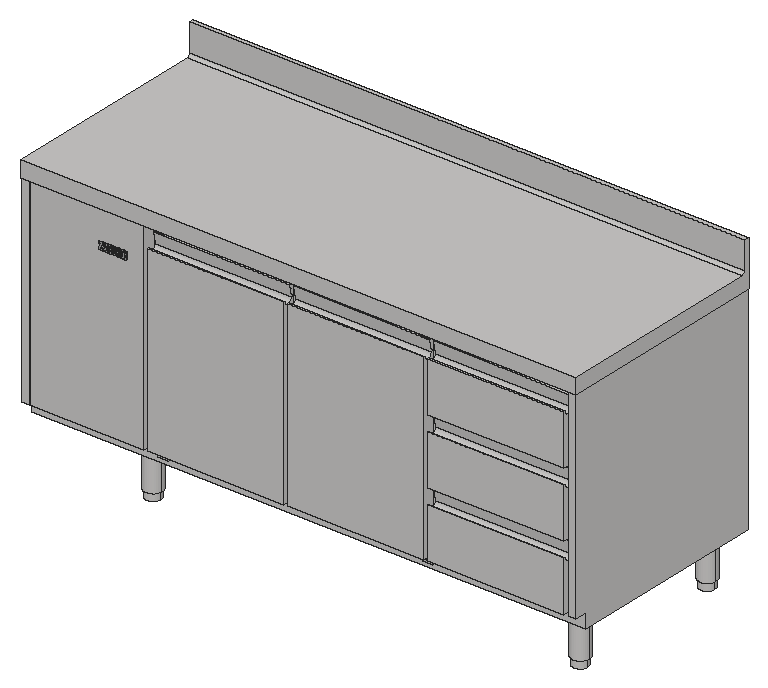
Revit family "QF_ZANUSSI_111044_ZH3H3AAC", category Specialty Equipment, Revit 2018
Family settings
  Round Connector Dimension = Use Diameter
  Part Type = Normal
  Work Plane-Based = No
  Always vertical = Yes
  Cut with Voids When Loaded = No
  Shared = No
  Room Calculation Point = No
Parameters
  Weight = 0.00 kg
  Watts = 0.0232258 W
  Volts = 220 V
  URL Manufacturer = "http://www.zanussiprofessional.com/"
  URL = "http://www.zanussiprofessional.com/"
  Steam Supply Size = 0 mm
  Steam Supply Minimum Pressure = 0.0 Pa
  Steam Supply Maximum Pressure = 0.0 Pa
  Steam Pounds per Hour = 0
  Show Logo [instance] = yes
  Show Clearance [instance] = yes
  Refrigeration Suction Line Size = 0 mm
  Refrigeration Liquid Line Size = 0 mm
  Refrigerant Compressor Remote = yes
  Manufacturer = "Zanussi"
  Phase = 1
  Model = "ZH3H3AAC"
  Length Actual = 1799 mm  # constant formula
  Item Number = "111044"
  Hot Water Size = 0 mm
  Height Actual = 1000 mm  # constant formula
  HP = "0.3 HP"
  Gas Size = 0 mm
  Gas KW = 0
  Gas Input Pressure = 0 W
  Description = "2DOOR+3x1/3DRAWERS REFR.TABLE 440L-SPLB"
  Depth Actual = 700 mm  # constant formula
  Cycle = 50 Hz
  Condensate Return Size = 0 mm
  Compressed Air Volume = 0.0 L/s
  Compressed Air Size = 0 mm
  Compressed Air Pressure = 0.0 Pa
  Cold Water Size = 0 mm
  Accessory = yes
Reference planes
  plane 1 "Center X": y = 182.5
  plane 2: z = 0
  plane 3 "Center Y": x = -353.5
  plane 4: y = -62.5
  plane 5: y = 451.5
  plane 6 "BACK": y = 532.5
  plane 7 "FRONT": y = -167.5
  plane 8: x = -906
  plane 9: x = 478
  plane 10: z = 150
  plane 11 "TOP": z = 900
  plane 12: z = 850
  plane 13 "LEFT": x = -1251
  plane 14 "RIGHT": x = 544
  plane 15: x = -1253
  plane 16: x = 546
Forms (mm)
  Extrusion 1, solid, material "QF_Finishes_Stainless Steel"
    sketch origin (-353.5, 2, 0) x (0, 1, 0) y (0, 0, 1)
      loop
        line (530.5, 150) -> (530.5, 850) -> (-124.5, 850) -> (-124.5, 150) -> (530.5, 150)
    from -897.5 to 897.5
  Extrusion 2, solid, material "QF_Finishes_Stainless Steel"
    sketch origin (-1022.223, -1524, 150) x (-1, 0, 0) y (0, -1, 0)
      loop
        line (228.777, -1361.5) -> (203.777, -1361.5) -> (203.777, -1401.5) -> (228.777, -1401.5) -> (228.777, -1361.5)
      loop
        line (-1566.223, -1401.5) -> (-1541.223, -1401.5) -> (-1541.223, -1361.5) -> (-1566.223, -1361.5) -> (-1566.223, -1401.5)
    from 47 to 700
  Extrusion 3, solid, material "QF_Finishes_Stainless Steel"
    sketch origin (0, 0, 900) x (-1, 0, 0) y (0, -1, 0)
      loop
        circle (170, -94.5) r 8.45
    from -790.577 to -750
  Extrusion 4, solid, material "QF_Finishes_Stainless Steel"
    sketch origin (0, 0, 0) x (1, 0, 0) y (0, 1, 0)
      loop
        circle (-1167, 451.5) r 4
    from 109.423 to 150
  Extrusion 5, solid, material "QF_Finishes_Stainless Steel"
    sketch origin (-126.5, 0, 0) x (0, 1, 0) y (0, 0, 1)
      loop
        line (-167.5, 900) -> (-167.5, 850) -> (532.5, 850) -> (532.5, 1000) -> (519.5, 1000) -> (519.5, 910)
        arc (519.5, 910) -> (516.571, 902.929) -> (509.5, 900) r 10
        line (509.5, 900) -> (-167.5, 900)
    from 672.5 to -1126.5
Cuts and joins
  joined: Extrusion 1, Extrusion 2
Lines and regions (mm)
  symbolic lines, style "SpecialityEquipmentHiddenLines"
    curve 1: line (-1253, -122.5, 900) -> (546, -122.5, 900)
    curve 2: line (-850, -167.5, 900) -> (-850, -122.5, 900)
  symbolic lines, style "SpecialityEquipment"
    curve 3: line (-1253, 532.5, 900) -> (546, 532.5, 900)
    curve 4: line (-1253, 532.5, 900) -> (-1253, -167.5, 900)
    curve 5: line (-1253, -167.5, 900) -> (546, -167.5, 900)
    curve 6: line (546, -167.5, 900) -> (546, 532.5, 900)
    curve 7: line (-1253, 519.5, 900) -> (546, 519.5, 900)
Dimensions and locks
  locked: plane 6 "BACK" to plane 7 "FRONT" at 700
  equal spacing: plane 6 "BACK", plane 1 "Center X", plane 7 "FRONT"
  locked: plane 6 "BACK" to plane 5 at 81
  plane 10 to level = 150 mm
  plane 11 "TOP" to plane 12 to plane 10 = 50 mm locked, 700 mm locked
  locked: Extrusion 2 sketch curve to Extrusion 2 sketch curve at 25  (x2)
  locked: plane 4 to plane 7 "FRONT" at 105
  locked: plane 6 "BACK" to Extrusion 3 sketch curve at 438
  equal spacing: plane 13 "LEFT", plane 3 "Center Y", plane 14 "RIGHT"
  plane 15 to plane 16 = 1799 mm
  locked: plane 13 "LEFT" to plane 8 at 345
  locked: plane 9 to plane 14 "RIGHT" at 66
  Extrusion 3 sketch curve to plane 14 "RIGHT" = 714 mm
  plane 13 "LEFT" to Extrusion 4 sketch curve = 84 mm
  locked: plane 6 "BACK" to Extrusion 4 sketch curve at 81
  locked: plane 10 to Extrusion 4 at 40.577
  aligned and locked: level to plane 2
  aligned and locked: plane 10 to Extrusion 3
  aligned and locked: nested 4 to plane 4
  aligned and locked: nested 1 to plane 4
  aligned and locked: nested 3 to plane 5
  aligned and locked: nested 2 to plane 5
  aligned and locked: plane 8 to nested 1
  aligned and locked: plane 8 to nested 2
  aligned and locked: plane 9 to nested 4
  aligned and locked: plane 9 to nested 3
  aligned and locked: Extrusion 1 to Extrusion 2
  aligned and locked: Extrusion 2 to Extrusion 1
  aligned and locked: Extrusion 2 sketch curve to plane 14 "RIGHT"
  aligned and locked: plane 13 "LEFT" to Extrusion 2 sketch curve
  aligned and locked: cut or joined group of Extrusion 1, Extrusion 2 to plane 10
  aligned and locked: plane 12 to cut or joined group of Extrusion 1, Extrusion 2
  aligned and locked: plane 10 to Extrusion 4
Automatic sketch dimensions
  plane 7 "FRONT" to Extrusion 2 sketch curve = 45 mm  (x2)
  plane 7 "FRONT" to Extrusion 2 sketch curve = 5 mm  (x2)
  Extrusion 1 sketch curve to plane 10 = 0 mm
  Extrusion 1 sketch curve to plane 12 = 0 mm
  Extrusion 1 sketch curve to plane 6 "BACK" = 0 mm
  plane 7 "FRONT" to Extrusion 1 sketch curve = 45 mm
  Extrusion 5 sketch curve to plane 7 "FRONT" = 0 mm
  Extrusion 5 sketch curve to plane 11 "TOP" = 0 mm
  Extrusion 5 sketch curve to plane 6 "BACK" = 0 mm
  Extrusion 5 sketch curve to plane 12 = 0 mm
  plane 11 "TOP" to Extrusion 5 sketch curve = 10 mm
  Extrusion 5 sketch curve to plane 6 "BACK" = 23 mm
  Extrusion 5 sketch curve to Extrusion 5 sketch curve = 90 mm
  curve 7 to plane 16 = 0 mm
  curve 2 to plane 7 "FRONT" = 0 mm
  curve 5 to plane 15 = 0 mm
  curve 3 to plane 6 "BACK" = 0 mm
  plane 8 to curve 2 = 56 mm
  curve 3 to curve 7 = 13 mm
  curve 1 to curve 4 = 45 mm
  radius of Extrusion 3 sketch curve = 8.45 mm
  radius of Extrusion 4 sketch curve = 4 mm
Nested families
  nested 1: "Foot_Ø50_H150" at (-906, -62.5, 0), type "Foot_Ø50_H150"
  nested 2: "Foot_Ø50_H150" at (-906, 451.5, 0), type "Foot_Ø50_H150"
  nested 3: "Foot_Ø50_H150" at (478, 451.5, 0), type "Foot_Ø50_H150"
  nested 4: "Foot_Ø50_H150" at (478, -62.5, 0), type "Foot_Ø50_H150"
  nested 5: "3x1-3 Drawers" at (285, -164.5, 0), Show Clearance <- "Show Clearance", type "3x1-3 Drawers"
  nested 6: "Door" at (-169, -164.5, 0), Show Clearance <- "Show Clearance", type "Door"
  nested 7: "Refrigerator" at (544, -167.5, 900), type "Refrigerator"
  nested 8: "ZAN_Cooling Unit" at (-1041.5, -164.5, 0), Show Logo <- "Show Logo", type "ZAN_Cooling Unit"
  nested 9: "Door" at (-623, -164.5, 0) x (-1, 0, 0) z (0, 0, 1), Show Clearance <- "Show Clearance", type "Door"
Connectors
  electrical at (-1167, 451.5, 109.423), driven by "Volts"
    settings: on Extrusion 4, index 4, voltage 220 V, apparent load 0 VA, apparent load phase1 0 VA, apparent load phase2 0 VA, apparent load phase3 0 VA, power factor 1, load classification "Altro", number of poles 1, system type 30, power factor state 1, is connector primary yes, connector utility no, sub classification motor no, connector description "Electrical Connection"
  piping at (-170, 94.5, 109.423), diameter 17
    settings: on Extrusion 3, index 5, connector inside diameter 609.6 mm, connector length 0 mm, flow factor 0, pipe flow 0.0 L/s, pressure drop 0.0 Pa, fitting loss kfactor 0, connector angle 0.00°, fixture units 0, engagement length 0 mm, angle of deflection 0.00°, flow configuration 1, flow direction 2, fitting loss method 0, system type 16, joint type 0, gender type 0, connector reference index -1, connector utility 0, adjustable connector no, is connector primary yes, connector description "Drain"
Definition of nested family "Foot_Ø50_H150"
  Reference planes
    plane 1 "Centro (Fronte/Retro)": y = 0
    plane 2: z = 0
    plane 3 "Centro (Sinistra/Destra)": x = 0
    plane 4: z = 150
  Forms (mm)
    Revolve 1, solid
      sketch origin (255.05, 0, 608.09) x (0, 0, 1) y (-1, 0, 0)
        loop
          line (-608.09, 255.05) -> (-608.09, 230.05) -> (-583.09, 230.05) -> (-583.09, 226.05) -> (-458.09, 226.05) -> (-458.09, 255.05) -> (-608.09, 255.05)
        axis (-608.09, 255.05) -> (-458.09, 255.05)
      angle from 0 to 360
  Dimensions and locks
    locked: Revolve 1 sketch curve to Revolve 1 sketch curve at 125
    aligned and locked: level to plane 2
    aligned and locked: plane 4 to Revolve 1 sketch curve
    aligned and locked: Revolve 1 sketch curve to level
    aligned and locked: plane 3 "Centro (Sinistra/Destra)" to Revolve 1 sketch curve
Definition of nested family "3x1-3 Drawers"
  Parameters
    Show Clearance [instance] = yes
  Reference planes
    plane 1 "FRONT": y = -3
    plane 2: z = 0
    plane 3 "Centro (Sinistra/Destra)": x = 0
    plane 4: z = 150
    plane 5: z = 850
    plane 6: x = -234
    plane 7: x = 234
    plane 8: x = -220
    plane 9: x = 220
  Forms (mm)
    Extrusion 1, solid
      sketch origin (0, 55, 511) x (0, 0, 1) y (0, -1, 0)
        loop
          line (314, 18) -> (314, 29) -> (274.395, 22.5)
          arc (274.395, 22.5) -> (260.395, 36.5) -> (274.395, 50.5) r 14
          line (274.395, 50.5) -> (274.395, 53) -> (111.333, 53) -> (111.333, 18) -> (314, 18)
        loop
          line (101.333, 29) -> (61.728, 22.5)
          arc (61.728, 22.5) -> (47.728, 36.5) -> (61.728, 50.5) r 14
          line (61.728, 50.5) -> (61.728, 53) -> (-101.333, 53) -> (-101.333, 18) -> (101.333, 18) -> (101.333, 29)
        loop
          line (-314, 18) -> (-111.333, 18) -> (-111.333, 29) -> (-150.939, 22.5)
          arc (-150.939, 22.5) -> (-164.939, 36.5) -> (-150.939, 50.5) r 14
          line (-150.939, 50.5) -> (-150.939, 53) -> (-314, 53) -> (-314, 18)
      from -220 to 220
    Extrusion 2, solid, visible <- "Show Clearance", detail levels coarse
      sketch origin (0, -462, 511) x (0, 0, 1) y (0, -1, 0)
        loop
          line (-314, 109) -> (-314, -464) -> (-111.333, -464) -> (-111.333, 109) -> (-314, 109)
        loop
          line (314, -464) -> (314, 109) -> (111.333, 109) -> (111.333, -464) -> (314, -464)
        loop
          line (101.333, 109) -> (-101.333, 109) -> (-101.333, -464) -> (101.333, -464) -> (101.333, 109)
      from -220 to 220
  Lines and regions (mm)
    symbolic lines
      curve 1: line (-190, -3, 0) -> (-190, -48, 0)
      curve 2: line (220, -48, 0) -> (-220, -48, 0)
      curve 3: line (-220, -48, 0) -> (-220, -83, 0)
      curve 4: line (-220, -83, 0) -> (220, -83, 0)
      curve 5: line (220, -83, 0) -> (220, -48, 0)
      curve 6: line (190, -48, 0) -> (190, -3, 0)
      curve 7: line (-190, -83, 0) -> (-190, -128, 0)
      curve 8: line (220, -128, 0) -> (-220, -128, 0)
      curve 9: line (-220, -128, 0) -> (-220, -163, 0)
      curve 10: line (-220, -163, 0) -> (220, -163, 0)
      curve 11: line (220, -163, 0) -> (220, -128, 0)
      curve 12: line (190, -128, 0) -> (190, -83, 0)
      curve 13: line (-190, -163, 0) -> (-190, -208, 0)
      curve 14: line (220, -208, 0) -> (-220, -208, 0)
      curve 15: line (-220, -208, 0) -> (-220, -243, 0)
      curve 16: line (-220, -243, 0) -> (220, -243, 0)
      curve 17: line (220, -243, 0) -> (220, -208, 0)
      curve 18: line (190, -208, 0) -> (190, -163, 0)
  Dimensions and locks
    aligned and locked: level to plane 2
Definition of nested family "Door"
  Parameters
    Show Clearance [instance] = yes
  Reference planes
    plane 1 "FRONT": y = -3
    plane 2: z = 0
    plane 3 "Centro (Sinistra/Destra)": x = 0
    plane 4: z = 150
    plane 5: z = 850
    plane 6: x = -234
    plane 7: x = 234
    plane 8: x = -220
    plane 9: x = 220
  Forms (mm)
    Extrusion 1, solid
      sketch origin (0, 53, 511) x (0, 0, 1) y (0, -1, 0)
        loop
          line (-323.003, 28.5) -> (-316.501, 28.5) -> (-316.501, 31) -> (-325.503, 31) -> (-325.503, 13.5) -> (-345.503, 13.5) -> (-345.503, 11) -> (-323.003, 11) -> (-323.003, 23.259) -> (-323.003, 28.5)
        loop
          line (-314, 27) -> (-316.501, 27) -> (-316.501, 18.501) -> (-319.752, 18.501) -> (-319.752, 16) -> (-314, 16) -> (-314, 27)
        loop
          line (315.003, 27) -> (315.003, 13.948) -> (315.003, 11) -> (327.503, 11) -> (327.503, 13.5) -> (317.503, 13.5) -> (317.503, 27) -> (315.003, 27)
      from 185 to 220
    Extrusion 2, solid, visible <- "Show Clearance", detail levels coarse
      sketch origin (0, 53, 511) x (0, -1, 0) y (1, 0, 0)
        loop
          line (51, 220) -> (51, -220)
          arc (51, -220) -> (339.234, -79.44) -> (454, 220) r 437.168
          line (454, 220) -> (51, 220)
      from -314 to 314
    Extrusion 3, solid
      sketch origin (0, 55, 511) x (0, 0, 1) y (0, -1, 0)
        loop
          line (314, 18) -> (314, 29) -> (274.395, 22.5)
          arc (274.395, 22.5) -> (260.395, 36.5) -> (274.395, 50.5) r 14
          line (274.395, 50.5) -> (274.395, 53) -> (-314, 53) -> (-314, 18) -> (314, 18)
      from -220 to 220
  Lines and regions (mm)
    symbolic lines
      curve 1: line (220, -3, 0) -> (220, -401, 0)
      curve 2: line (220, -401, 0) -> (185, -401, 0)
      curve 3: line (185, -401, 0) -> (185, -3, 0)
      curve 4: arc (-219.722, -3, 0) -> (-89.51, -275.368, 0) -> (185, -401, 0) r 442.855
  Dimensions and locks
    aligned and locked: level to plane 2
Definition of nested family "ZAN_Cooling Unit"
  Parameters
    Show Logo [instance] = yes
  Reference planes
    plane 1 "FRONT": y = -3
    plane 2: z = 0
    plane 3 "Centro (Sinistra/Destra)": x = 0
    plane 4: z = 150
    plane 5: z = 850
    plane 6: x = -184.5
    plane 7: x = 184.5
  Forms (mm)
    Extrusion 1, solid
      sketch origin (0, 55, 511) x (0, 0, 1) y (0, -1, 0)
        loop
          line (-314, 53) -> (-314, 13) -> (339, 13) -> (339, 53) -> (-314, 53)
      from -184.5 to 184.5
  Lines and regions (mm)
    Split face 1
      outline origin (0, 2, 197) x (0, 0, 1) y (-1, 0, 0)
        loop
          line (566.835, 184.5) -> (566.835, -184.5)
        loop
          line (521.835, 184.5) -> (521.835, -184.5)
    Split face 2
      outline origin (0, 2, 197) x (0, 0, 1) y (-1, 0, 0)
        loop
          arc (510.649, 158.547) -> (506.648, 162.548) -> (502.647, 158.547) r 4.001
          line (502.647, 158.547) -> (502.647, 116.535)
          arc (502.647, 116.535) -> (506.648, 112.533) -> (510.649, 116.535) r 4.001
          line (510.649, 116.535) -> (510.649, 158.547)
    Split face 3
      outline origin (0, 2, 184.996) x (0, 0, 1) y (-1, 0, 0)
        loop
          arc (510.649, 158.547) -> (506.648, 162.548) -> (502.647, 158.547) r 4.001
          line (502.647, 158.547) -> (502.647, 116.535)
          arc (502.647, 116.535) -> (506.648, 112.533) -> (510.649, 116.535) r 4.001
          line (510.649, 116.535) -> (510.649, 158.547)
    Split face 4
      outline origin (0, 2, 172.993) x (0, 0, 1) y (-1, 0, 0)
        loop
          arc (510.649, 158.547) -> (506.648, 162.548) -> (502.647, 158.547) r 4.001
          line (502.647, 158.547) -> (502.647, 116.535)
          arc (502.647, 116.535) -> (506.648, 112.533) -> (510.649, 116.535) r 4.001
          line (510.649, 116.535) -> (510.649, 158.547)
    Split face 5
      outline origin (0, 2, 160.989) x (0, 0, 1) y (-1, 0, 0)
        loop
          arc (510.649, 158.547) -> (506.648, 162.548) -> (502.647, 158.547) r 4.001
          line (502.647, 158.547) -> (502.647, 116.535)
          arc (502.647, 116.535) -> (506.648, 112.533) -> (510.649, 116.535) r 4.001
          line (510.649, 116.535) -> (510.649, 158.547)
    Split face 6
      outline origin (0, 2, 148.986) x (0, 0, 1) y (-1, 0, 0)
        loop
          arc (510.649, 158.547) -> (506.648, 162.548) -> (502.647, 158.547) r 4.001
          line (502.647, 158.547) -> (502.647, 116.535)
          arc (502.647, 116.535) -> (506.648, 112.533) -> (510.649, 116.535) r 4.001
          line (510.649, 116.535) -> (510.649, 158.547)
    Split face 7
      outline origin (0, 2, 136.982) x (0, 0, 1) y (-1, 0, 0)
        loop
          arc (510.649, 158.547) -> (506.648, 162.548) -> (502.647, 158.547) r 4.001
          line (502.647, 158.547) -> (502.647, 116.535)
          arc (502.647, 116.535) -> (506.648, 112.533) -> (510.649, 116.535) r 4.001
          line (510.649, 116.535) -> (510.649, 158.547)
    Split face 8
      outline origin (0, 2, 124.979) x (0, 0, 1) y (-1, 0, 0)
        loop
          arc (510.649, 158.547) -> (506.648, 162.548) -> (502.647, 158.547) r 4.001
          line (502.647, 158.547) -> (502.647, 116.535)
          arc (502.647, 116.535) -> (506.648, 112.533) -> (510.649, 116.535) r 4.001
          line (510.649, 116.535) -> (510.649, 158.547)
    Split face 9
      outline origin (0, 2, 112.975) x (0, 0, 1) y (-1, 0, 0)
        loop
          arc (510.649, 158.547) -> (506.648, 162.548) -> (502.647, 158.547) r 4.001
          line (502.647, 158.547) -> (502.647, 116.535)
          arc (502.647, 116.535) -> (506.648, 112.533) -> (510.649, 116.535) r 4.001
          line (510.649, 116.535) -> (510.649, 158.547)
    Split face 10
      outline origin (0, 2, 100.972) x (0, 0, 1) y (-1, 0, 0)
        loop
          arc (510.649, 158.547) -> (506.648, 162.548) -> (502.647, 158.547) r 4.001
          line (502.647, 158.547) -> (502.647, 116.535)
          arc (502.647, 116.535) -> (506.648, 112.533) -> (510.649, 116.535) r 4.001
          line (510.649, 116.535) -> (510.649, 158.547)
    Split face 11
      outline origin (0, 2, 88.968) x (0, 0, 1) y (-1, 0, 0)
        loop
          arc (510.649, 158.547) -> (506.648, 162.548) -> (502.647, 158.547) r 4.001
          line (502.647, 158.547) -> (502.647, 116.535)
          arc (502.647, 116.535) -> (506.648, 112.533) -> (510.649, 116.535) r 4.001
          line (510.649, 116.535) -> (510.649, 158.547)
    Split face 12
      outline origin (0, 2, 76.965) x (0, 0, 1) y (-1, 0, 0)
        loop
          arc (510.649, 158.547) -> (506.648, 162.548) -> (502.647, 158.547) r 4.001
          line (502.647, 158.547) -> (502.647, 116.535)
          arc (502.647, 116.535) -> (506.648, 112.533) -> (510.649, 116.535) r 4.001
          line (510.649, 116.535) -> (510.649, 158.547)
    Split face 13
      outline origin (0, 2, 64.961) x (0, 0, 1) y (-1, 0, 0)
        loop
          arc (510.649, 158.547) -> (506.648, 162.548) -> (502.647, 158.547) r 4.001
          line (502.647, 158.547) -> (502.647, 116.535)
          arc (502.647, 116.535) -> (506.648, 112.533) -> (510.649, 116.535) r 4.001
          line (510.649, 116.535) -> (510.649, 158.547)
    Split face 14
      outline origin (0, 2, 52.958) x (0, 0, 1) y (-1, 0, 0)
        loop
          arc (510.649, 158.547) -> (506.648, 162.548) -> (502.647, 158.547) r 4.001
          line (502.647, 158.547) -> (502.647, 116.535)
          arc (502.647, 116.535) -> (506.648, 112.533) -> (510.649, 116.535) r 4.001
          line (510.649, 116.535) -> (510.649, 158.547)
    Split face 15
      outline origin (0, 2, 40.954) x (0, 0, 1) y (-1, 0, 0)
        loop
          arc (510.649, 158.547) -> (506.648, 162.548) -> (502.647, 158.547) r 4.001
          line (502.647, 158.547) -> (502.647, 116.535)
          arc (502.647, 116.535) -> (506.648, 112.533) -> (510.649, 116.535) r 4.001
          line (510.649, 116.535) -> (510.649, 158.547)
    Split face 16
      outline origin (0, 2, 28.951) x (0, 0, 1) y (-1, 0, 0)
        loop
          arc (510.649, 158.547) -> (506.648, 162.548) -> (502.647, 158.547) r 4.001
          line (502.647, 158.547) -> (502.647, 116.535)
          arc (502.647, 116.535) -> (506.648, 112.533) -> (510.649, 116.535) r 4.001
          line (510.649, 116.535) -> (510.649, 158.547)
    Split face 17
      outline origin (0, 2, 16.947) x (0, 0, 1) y (-1, 0, 0)
        loop
          arc (510.649, 158.547) -> (506.648, 162.548) -> (502.647, 158.547) r 4.001
          line (502.647, 158.547) -> (502.647, 116.535)
          arc (502.647, 116.535) -> (506.648, 112.533) -> (510.649, 116.535) r 4.001
          line (510.649, 116.535) -> (510.649, 158.547)
    Split face 18
      outline origin (55.016, 2, 197) x (0, 0, 1) y (-1, 0, 0)
        loop
          arc (510.649, 158.547) -> (506.648, 162.548) -> (502.647, 158.547) r 4.001
          line (502.647, 158.547) -> (502.647, 116.535)
          arc (502.647, 116.535) -> (506.648, 112.533) -> (510.649, 116.535) r 4.001
          line (510.649, 116.535) -> (510.649, 158.547)
    Split face 19
      outline origin (55.016, 2, 184.996) x (0, 0, 1) y (-1, 0, 0)
        loop
          arc (510.649, 158.547) -> (506.648, 162.548) -> (502.647, 158.547) r 4.001
          line (502.647, 158.547) -> (502.647, 116.535)
          arc (502.647, 116.535) -> (506.648, 112.533) -> (510.649, 116.535) r 4.001
          line (510.649, 116.535) -> (510.649, 158.547)
    Split face 20
      outline origin (55.016, 2, 172.993) x (0, 0, 1) y (-1, 0, 0)
        loop
          arc (510.649, 158.547) -> (506.648, 162.548) -> (502.647, 158.547) r 4.001
          line (502.647, 158.547) -> (502.647, 116.535)
          arc (502.647, 116.535) -> (506.648, 112.533) -> (510.649, 116.535) r 4.001
          line (510.649, 116.535) -> (510.649, 158.547)
    Split face 21
      outline origin (55.016, 2, 160.989) x (0, 0, 1) y (-1, 0, 0)
        loop
          arc (510.649, 158.547) -> (506.648, 162.548) -> (502.647, 158.547) r 4.001
          line (502.647, 158.547) -> (502.647, 116.535)
          arc (502.647, 116.535) -> (506.648, 112.533) -> (510.649, 116.535) r 4.001
          line (510.649, 116.535) -> (510.649, 158.547)
    Split face 22
      outline origin (55.016, 2, 148.986) x (0, 0, 1) y (-1, 0, 0)
        loop
          arc (510.649, 158.547) -> (506.648, 162.548) -> (502.647, 158.547) r 4.001
          line (502.647, 158.547) -> (502.647, 116.535)
          arc (502.647, 116.535) -> (506.648, 112.533) -> (510.649, 116.535) r 4.001
          line (510.649, 116.535) -> (510.649, 158.547)
    Split face 23
      outline origin (55.016, 2, 136.982) x (0, 0, 1) y (-1, 0, 0)
        loop
          arc (510.649, 158.547) -> (506.648, 162.548) -> (502.647, 158.547) r 4.001
          line (502.647, 158.547) -> (502.647, 116.535)
          arc (502.647, 116.535) -> (506.648, 112.533) -> (510.649, 116.535) r 4.001
          line (510.649, 116.535) -> (510.649, 158.547)
    Split face 24
      outline origin (55.016, 2, 124.979) x (0, 0, 1) y (-1, 0, 0)
        loop
          arc (510.649, 158.547) -> (506.648, 162.548) -> (502.647, 158.547) r 4.001
          line (502.647, 158.547) -> (502.647, 116.535)
          arc (502.647, 116.535) -> (506.648, 112.533) -> (510.649, 116.535) r 4.001
          line (510.649, 116.535) -> (510.649, 158.547)
    Split face 25
      outline origin (55.016, 2, 112.975) x (0, 0, 1) y (-1, 0, 0)
        loop
          arc (510.649, 158.547) -> (506.648, 162.548) -> (502.647, 158.547) r 4.001
          line (502.647, 158.547) -> (502.647, 116.535)
          arc (502.647, 116.535) -> (506.648, 112.533) -> (510.649, 116.535) r 4.001
          line (510.649, 116.535) -> (510.649, 158.547)
    Split face 26
      outline origin (55.016, 2, 100.972) x (0, 0, 1) y (-1, 0, 0)
        loop
          arc (510.649, 158.547) -> (506.648, 162.548) -> (502.647, 158.547) r 4.001
          line (502.647, 158.547) -> (502.647, 116.535)
          arc (502.647, 116.535) -> (506.648, 112.533) -> (510.649, 116.535) r 4.001
          line (510.649, 116.535) -> (510.649, 158.547)
    Split face 27
      outline origin (55.016, 2, 88.968) x (0, 0, 1) y (-1, 0, 0)
        loop
          arc (510.649, 158.547) -> (506.648, 162.548) -> (502.647, 158.547) r 4.001
          line (502.647, 158.547) -> (502.647, 116.535)
          arc (502.647, 116.535) -> (506.648, 112.533) -> (510.649, 116.535) r 4.001
          line (510.649, 116.535) -> (510.649, 158.547)
    Split face 28
      outline origin (55.016, 2, 76.965) x (0, 0, 1) y (-1, 0, 0)
        loop
          arc (510.649, 158.547) -> (506.648, 162.548) -> (502.647, 158.547) r 4.001
          line (502.647, 158.547) -> (502.647, 116.535)
          arc (502.647, 116.535) -> (506.648, 112.533) -> (510.649, 116.535) r 4.001
          line (510.649, 116.535) -> (510.649, 158.547)
    Split face 29
      outline origin (55.016, 2, 64.961) x (0, 0, 1) y (-1, 0, 0)
        loop
          arc (510.649, 158.547) -> (506.648, 162.548) -> (502.647, 158.547) r 4.001
          line (502.647, 158.547) -> (502.647, 116.535)
          arc (502.647, 116.535) -> (506.648, 112.533) -> (510.649, 116.535) r 4.001
          line (510.649, 116.535) -> (510.649, 158.547)
    Split face 30
      outline origin (55.016, 2, 52.958) x (0, 0, 1) y (-1, 0, 0)
        loop
          arc (510.649, 158.547) -> (506.648, 162.548) -> (502.647, 158.547) r 4.001
          line (502.647, 158.547) -> (502.647, 116.535)
          arc (502.647, 116.535) -> (506.648, 112.533) -> (510.649, 116.535) r 4.001
          line (510.649, 116.535) -> (510.649, 158.547)
    Split face 31
      outline origin (55.016, 2, 40.954) x (0, 0, 1) y (-1, 0, 0)
        loop
          arc (510.649, 158.547) -> (506.648, 162.548) -> (502.647, 158.547) r 4.001
          line (502.647, 158.547) -> (502.647, 116.535)
          arc (502.647, 116.535) -> (506.648, 112.533) -> (510.649, 116.535) r 4.001
          line (510.649, 116.535) -> (510.649, 158.547)
    Split face 32
      outline origin (55.016, 2, 28.951) x (0, 0, 1) y (-1, 0, 0)
        loop
          arc (510.649, 158.547) -> (506.648, 162.548) -> (502.647, 158.547) r 4.001
          line (502.647, 158.547) -> (502.647, 116.535)
          arc (502.647, 116.535) -> (506.648, 112.533) -> (510.649, 116.535) r 4.001
          line (510.649, 116.535) -> (510.649, 158.547)
    Split face 33
      outline origin (55.016, 2, 16.947) x (0, 0, 1) y (-1, 0, 0)
        loop
          arc (510.649, 158.547) -> (506.648, 162.548) -> (502.647, 158.547) r 4.001
          line (502.647, 158.547) -> (502.647, 116.535)
          arc (502.647, 116.535) -> (506.648, 112.533) -> (510.649, 116.535) r 4.001
          line (510.649, 116.535) -> (510.649, 158.547)
    Split face 34
      outline origin (110.032, 2, 197) x (0, 0, 1) y (-1, 0, 0)
        loop
          arc (510.649, 158.547) -> (506.648, 162.548) -> (502.647, 158.547) r 4.001
          line (502.647, 158.547) -> (502.647, 116.535)
          arc (502.647, 116.535) -> (506.648, 112.533) -> (510.649, 116.535) r 4.001
          line (510.649, 116.535) -> (510.649, 158.547)
    Split face 35
      outline origin (110.032, 2, 184.996) x (0, 0, 1) y (-1, 0, 0)
        loop
          arc (510.649, 158.547) -> (506.648, 162.548) -> (502.647, 158.547) r 4.001
          line (502.647, 158.547) -> (502.647, 116.535)
          arc (502.647, 116.535) -> (506.648, 112.533) -> (510.649, 116.535) r 4.001
          line (510.649, 116.535) -> (510.649, 158.547)
    Split face 36
      outline origin (110.032, 2, 172.993) x (0, 0, 1) y (-1, 0, 0)
        loop
          arc (510.649, 158.547) -> (506.648, 162.548) -> (502.647, 158.547) r 4.001
          line (502.647, 158.547) -> (502.647, 116.535)
          arc (502.647, 116.535) -> (506.648, 112.533) -> (510.649, 116.535) r 4.001
          line (510.649, 116.535) -> (510.649, 158.547)
    Split face 37
      outline origin (110.032, 2, 160.989) x (0, 0, 1) y (-1, 0, 0)
        loop
          arc (510.649, 158.547) -> (506.648, 162.548) -> (502.647, 158.547) r 4.001
          line (502.647, 158.547) -> (502.647, 116.535)
          arc (502.647, 116.535) -> (506.648, 112.533) -> (510.649, 116.535) r 4.001
          line (510.649, 116.535) -> (510.649, 158.547)
    Split face 38
      outline origin (110.032, 2, 148.986) x (0, 0, 1) y (-1, 0, 0)
        loop
          arc (510.649, 158.547) -> (506.648, 162.548) -> (502.647, 158.547) r 4.001
          line (502.647, 158.547) -> (502.647, 116.535)
          arc (502.647, 116.535) -> (506.648, 112.533) -> (510.649, 116.535) r 4.001
          line (510.649, 116.535) -> (510.649, 158.547)
    Split face 39
      outline origin (110.032, 2, 136.982) x (0, 0, 1) y (-1, 0, 0)
        loop
          arc (510.649, 158.547) -> (506.648, 162.548) -> (502.647, 158.547) r 4.001
          line (502.647, 158.547) -> (502.647, 116.535)
          arc (502.647, 116.535) -> (506.648, 112.533) -> (510.649, 116.535) r 4.001
          line (510.649, 116.535) -> (510.649, 158.547)
    Split face 40
      outline origin (110.032, 2, 124.979) x (0, 0, 1) y (-1, 0, 0)
        loop
          arc (510.649, 158.547) -> (506.648, 162.548) -> (502.647, 158.547) r 4.001
          line (502.647, 158.547) -> (502.647, 116.535)
          arc (502.647, 116.535) -> (506.648, 112.533) -> (510.649, 116.535) r 4.001
          line (510.649, 116.535) -> (510.649, 158.547)
    Split face 41
      outline origin (110.032, 2, 112.975) x (0, 0, 1) y (-1, 0, 0)
        loop
          arc (510.649, 158.547) -> (506.648, 162.548) -> (502.647, 158.547) r 4.001
          line (502.647, 158.547) -> (502.647, 116.535)
          arc (502.647, 116.535) -> (506.648, 112.533) -> (510.649, 116.535) r 4.001
          line (510.649, 116.535) -> (510.649, 158.547)
    Split face 42
      outline origin (110.032, 2, 100.972) x (0, 0, 1) y (-1, 0, 0)
        loop
          arc (510.649, 158.547) -> (506.648, 162.548) -> (502.647, 158.547) r 4.001
          line (502.647, 158.547) -> (502.647, 116.535)
          arc (502.647, 116.535) -> (506.648, 112.533) -> (510.649, 116.535) r 4.001
          line (510.649, 116.535) -> (510.649, 158.547)
    Split face 43
      outline origin (110.032, 2, 88.968) x (0, 0, 1) y (-1, 0, 0)
        loop
          arc (510.649, 158.547) -> (506.648, 162.548) -> (502.647, 158.547) r 4.001
          line (502.647, 158.547) -> (502.647, 116.535)
          arc (502.647, 116.535) -> (506.648, 112.533) -> (510.649, 116.535) r 4.001
          line (510.649, 116.535) -> (510.649, 158.547)
    Split face 44
      outline origin (110.032, 2, 76.965) x (0, 0, 1) y (-1, 0, 0)
        loop
          arc (510.649, 158.547) -> (506.648, 162.548) -> (502.647, 158.547) r 4.001
          line (502.647, 158.547) -> (502.647, 116.535)
          arc (502.647, 116.535) -> (506.648, 112.533) -> (510.649, 116.535) r 4.001
          line (510.649, 116.535) -> (510.649, 158.547)
    Split face 45
      outline origin (110.032, 2, 64.961) x (0, 0, 1) y (-1, 0, 0)
        loop
          arc (510.649, 158.547) -> (506.648, 162.548) -> (502.647, 158.547) r 4.001
          line (502.647, 158.547) -> (502.647, 116.535)
          arc (502.647, 116.535) -> (506.648, 112.533) -> (510.649, 116.535) r 4.001
          line (510.649, 116.535) -> (510.649, 158.547)
    Split face 46
      outline origin (110.032, 2, 52.958) x (0, 0, 1) y (-1, 0, 0)
        loop
          arc (510.649, 158.547) -> (506.648, 162.548) -> (502.647, 158.547) r 4.001
          line (502.647, 158.547) -> (502.647, 116.535)
          arc (502.647, 116.535) -> (506.648, 112.533) -> (510.649, 116.535) r 4.001
          line (510.649, 116.535) -> (510.649, 158.547)
    Split face 47
      outline origin (110.032, 2, 40.954) x (0, 0, 1) y (-1, 0, 0)
        loop
          arc (510.649, 158.547) -> (506.648, 162.548) -> (502.647, 158.547) r 4.001
          line (502.647, 158.547) -> (502.647, 116.535)
          arc (502.647, 116.535) -> (506.648, 112.533) -> (510.649, 116.535) r 4.001
          line (510.649, 116.535) -> (510.649, 158.547)
    Split face 48
      outline origin (110.032, 2, 28.951) x (0, 0, 1) y (-1, 0, 0)
        loop
          arc (510.649, 158.547) -> (506.648, 162.548) -> (502.647, 158.547) r 4.001
          line (502.647, 158.547) -> (502.647, 116.535)
          arc (502.647, 116.535) -> (506.648, 112.533) -> (510.649, 116.535) r 4.001
          line (510.649, 116.535) -> (510.649, 158.547)
    Split face 49
      outline origin (110.032, 2, 16.947) x (0, 0, 1) y (-1, 0, 0)
        loop
          arc (510.649, 158.547) -> (506.648, 162.548) -> (502.647, 158.547) r 4.001
          line (502.647, 158.547) -> (502.647, 116.535)
          arc (502.647, 116.535) -> (506.648, 112.533) -> (510.649, 116.535) r 4.001
          line (510.649, 116.535) -> (510.649, 158.547)
    Split face 50
      outline origin (165.048, 2, 197) x (0, 0, 1) y (-1, 0, 0)
        loop
          arc (510.649, 158.547) -> (506.648, 162.548) -> (502.647, 158.547) r 4.001
          line (502.647, 158.547) -> (502.647, 116.535)
          arc (502.647, 116.535) -> (506.648, 112.533) -> (510.649, 116.535) r 4.001
          line (510.649, 116.535) -> (510.649, 158.547)
    Split face 51
      outline origin (165.048, 2, 184.996) x (0, 0, 1) y (-1, 0, 0)
        loop
          arc (510.649, 158.547) -> (506.648, 162.548) -> (502.647, 158.547) r 4.001
          line (502.647, 158.547) -> (502.647, 116.535)
          arc (502.647, 116.535) -> (506.648, 112.533) -> (510.649, 116.535) r 4.001
          line (510.649, 116.535) -> (510.649, 158.547)
    Split face 52
      outline origin (165.048, 2, 172.993) x (0, 0, 1) y (-1, 0, 0)
        loop
          arc (510.649, 158.547) -> (506.648, 162.548) -> (502.647, 158.547) r 4.001
          line (502.647, 158.547) -> (502.647, 116.535)
          arc (502.647, 116.535) -> (506.648, 112.533) -> (510.649, 116.535) r 4.001
          line (510.649, 116.535) -> (510.649, 158.547)
    Split face 53
      outline origin (165.048, 2, 160.989) x (0, 0, 1) y (-1, 0, 0)
        loop
          arc (510.649, 158.547) -> (506.648, 162.548) -> (502.647, 158.547) r 4.001
          line (502.647, 158.547) -> (502.647, 116.535)
          arc (502.647, 116.535) -> (506.648, 112.533) -> (510.649, 116.535) r 4.001
          line (510.649, 116.535) -> (510.649, 158.547)
    Split face 54
      outline origin (165.048, 2, 148.986) x (0, 0, 1) y (-1, 0, 0)
        loop
          arc (510.649, 158.547) -> (506.648, 162.548) -> (502.647, 158.547) r 4.001
          line (502.647, 158.547) -> (502.647, 116.535)
          arc (502.647, 116.535) -> (506.648, 112.533) -> (510.649, 116.535) r 4.001
          line (510.649, 116.535) -> (510.649, 158.547)
    Split face 55
      outline origin (165.048, 2, 136.982) x (0, 0, 1) y (-1, 0, 0)
        loop
          arc (510.649, 158.547) -> (506.648, 162.548) -> (502.647, 158.547) r 4.001
          line (502.647, 158.547) -> (502.647, 116.535)
          arc (502.647, 116.535) -> (506.648, 112.533) -> (510.649, 116.535) r 4.001
          line (510.649, 116.535) -> (510.649, 158.547)
    Split face 56
      outline origin (165.048, 2, 124.979) x (0, 0, 1) y (-1, 0, 0)
        loop
          arc (510.649, 158.547) -> (506.648, 162.548) -> (502.647, 158.547) r 4.001
          line (502.647, 158.547) -> (502.647, 116.535)
          arc (502.647, 116.535) -> (506.648, 112.533) -> (510.649, 116.535) r 4.001
          line (510.649, 116.535) -> (510.649, 158.547)
    Split face 57
      outline origin (165.048, 2, 112.975) x (0, 0, 1) y (-1, 0, 0)
        loop
          arc (510.649, 158.547) -> (506.648, 162.548) -> (502.647, 158.547) r 4.001
          line (502.647, 158.547) -> (502.647, 116.535)
          arc (502.647, 116.535) -> (506.648, 112.533) -> (510.649, 116.535) r 4.001
          line (510.649, 116.535) -> (510.649, 158.547)
    Split face 58
      outline origin (165.048, 2, 100.972) x (0, 0, 1) y (-1, 0, 0)
        loop
          arc (510.649, 158.547) -> (506.648, 162.548) -> (502.647, 158.547) r 4.001
          line (502.647, 158.547) -> (502.647, 116.535)
          arc (502.647, 116.535) -> (506.648, 112.533) -> (510.649, 116.535) r 4.001
          line (510.649, 116.535) -> (510.649, 158.547)
    Split face 59
      outline origin (165.048, 2, 88.968) x (0, 0, 1) y (-1, 0, 0)
        loop
          arc (510.649, 158.547) -> (506.648, 162.548) -> (502.647, 158.547) r 4.001
          line (502.647, 158.547) -> (502.647, 116.535)
          arc (502.647, 116.535) -> (506.648, 112.533) -> (510.649, 116.535) r 4.001
          line (510.649, 116.535) -> (510.649, 158.547)
    Split face 60
      outline origin (165.048, 2, 76.965) x (0, 0, 1) y (-1, 0, 0)
        loop
          arc (510.649, 158.547) -> (506.648, 162.548) -> (502.647, 158.547) r 4.001
          line (502.647, 158.547) -> (502.647, 116.535)
          arc (502.647, 116.535) -> (506.648, 112.533) -> (510.649, 116.535) r 4.001
          line (510.649, 116.535) -> (510.649, 158.547)
    Split face 61
      outline origin (165.048, 2, 64.961) x (0, 0, 1) y (-1, 0, 0)
        loop
          arc (510.649, 158.547) -> (506.648, 162.548) -> (502.647, 158.547) r 4.001
          line (502.647, 158.547) -> (502.647, 116.535)
          arc (502.647, 116.535) -> (506.648, 112.533) -> (510.649, 116.535) r 4.001
          line (510.649, 116.535) -> (510.649, 158.547)
    Split face 62
      outline origin (165.048, 2, 52.958) x (0, 0, 1) y (-1, 0, 0)
        loop
          arc (510.649, 158.547) -> (506.648, 162.548) -> (502.647, 158.547) r 4.001
          line (502.647, 158.547) -> (502.647, 116.535)
          arc (502.647, 116.535) -> (506.648, 112.533) -> (510.649, 116.535) r 4.001
          line (510.649, 116.535) -> (510.649, 158.547)
    Split face 63
      outline origin (165.048, 2, 40.954) x (0, 0, 1) y (-1, 0, 0)
        loop
          arc (510.649, 158.547) -> (506.648, 162.548) -> (502.647, 158.547) r 4.001
          line (502.647, 158.547) -> (502.647, 116.535)
          arc (502.647, 116.535) -> (506.648, 112.533) -> (510.649, 116.535) r 4.001
          line (510.649, 116.535) -> (510.649, 158.547)
    Split face 64
      outline origin (165.048, 2, 28.951) x (0, 0, 1) y (-1, 0, 0)
        loop
          arc (510.649, 158.547) -> (506.648, 162.548) -> (502.647, 158.547) r 4.001
          line (502.647, 158.547) -> (502.647, 116.535)
          arc (502.647, 116.535) -> (506.648, 112.533) -> (510.649, 116.535) r 4.001
          line (510.649, 116.535) -> (510.649, 158.547)
    Split face 65
      outline origin (165.048, 2, 16.947) x (0, 0, 1) y (-1, 0, 0)
        loop
          arc (510.649, 158.547) -> (506.648, 162.548) -> (502.647, 158.547) r 4.001
          line (502.647, 158.547) -> (502.647, 116.535)
          arc (502.647, 116.535) -> (506.648, 112.533) -> (510.649, 116.535) r 4.001
          line (510.649, 116.535) -> (510.649, 158.547)
    Split face 66
      outline origin (220.064, 2, 197) x (0, 0, 1) y (-1, 0, 0)
        loop
          arc (510.649, 158.547) -> (506.648, 162.548) -> (502.647, 158.547) r 4.001
          line (502.647, 158.547) -> (502.647, 116.535)
          arc (502.647, 116.535) -> (506.648, 112.533) -> (510.649, 116.535) r 4.001
          line (510.649, 116.535) -> (510.649, 158.547)
    Split face 67
      outline origin (220.064, 2, 184.996) x (0, 0, 1) y (-1, 0, 0)
        loop
          arc (510.649, 158.547) -> (506.648, 162.548) -> (502.647, 158.547) r 4.001
          line (502.647, 158.547) -> (502.647, 116.535)
          arc (502.647, 116.535) -> (506.648, 112.533) -> (510.649, 116.535) r 4.001
          line (510.649, 116.535) -> (510.649, 158.547)
    Split face 68
      outline origin (220.064, 2, 172.993) x (0, 0, 1) y (-1, 0, 0)
        loop
          arc (510.649, 158.547) -> (506.648, 162.548) -> (502.647, 158.547) r 4.001
          line (502.647, 158.547) -> (502.647, 116.535)
          arc (502.647, 116.535) -> (506.648, 112.533) -> (510.649, 116.535) r 4.001
          line (510.649, 116.535) -> (510.649, 158.547)
    Split face 69
      outline origin (220.064, 2, 160.989) x (0, 0, 1) y (-1, 0, 0)
        loop
          arc (510.649, 158.547) -> (506.648, 162.548) -> (502.647, 158.547) r 4.001
          line (502.647, 158.547) -> (502.647, 116.535)
          arc (502.647, 116.535) -> (506.648, 112.533) -> (510.649, 116.535) r 4.001
          line (510.649, 116.535) -> (510.649, 158.547)
    Split face 70
      outline origin (220.064, 2, 148.986) x (0, 0, 1) y (-1, 0, 0)
        loop
          arc (510.649, 158.547) -> (506.648, 162.548) -> (502.647, 158.547) r 4.001
          line (502.647, 158.547) -> (502.647, 116.535)
          arc (502.647, 116.535) -> (506.648, 112.533) -> (510.649, 116.535) r 4.001
          line (510.649, 116.535) -> (510.649, 158.547)
    Split face 71
      outline origin (220.064, 2, 136.982) x (0, 0, 1) y (-1, 0, 0)
        loop
          arc (510.649, 158.547) -> (506.648, 162.548) -> (502.647, 158.547) r 4.001
          line (502.647, 158.547) -> (502.647, 116.535)
          arc (502.647, 116.535) -> (506.648, 112.533) -> (510.649, 116.535) r 4.001
          line (510.649, 116.535) -> (510.649, 158.547)
    Split face 72
      outline origin (220.064, 2, 124.979) x (0, 0, 1) y (-1, 0, 0)
        loop
          arc (510.649, 158.547) -> (506.648, 162.548) -> (502.647, 158.547) r 4.001
          line (502.647, 158.547) -> (502.647, 116.535)
          arc (502.647, 116.535) -> (506.648, 112.533) -> (510.649, 116.535) r 4.001
          line (510.649, 116.535) -> (510.649, 158.547)
    Split face 73
      outline origin (220.064, 2, 112.975) x (0, 0, 1) y (-1, 0, 0)
        loop
          arc (510.649, 158.547) -> (506.648, 162.548) -> (502.647, 158.547) r 4.001
          line (502.647, 158.547) -> (502.647, 116.535)
          arc (502.647, 116.535) -> (506.648, 112.533) -> (510.649, 116.535) r 4.001
          line (510.649, 116.535) -> (510.649, 158.547)
    Split face 74
      outline origin (220.064, 2, 100.972) x (0, 0, 1) y (-1, 0, 0)
        loop
          arc (510.649, 158.547) -> (506.648, 162.548) -> (502.647, 158.547) r 4.001
          line (502.647, 158.547) -> (502.647, 116.535)
          arc (502.647, 116.535) -> (506.648, 112.533) -> (510.649, 116.535) r 4.001
          line (510.649, 116.535) -> (510.649, 158.547)
    Split face 75
      outline origin (220.064, 2, 88.968) x (0, 0, 1) y (-1, 0, 0)
        loop
          arc (510.649, 158.547) -> (506.648, 162.548) -> (502.647, 158.547) r 4.001
          line (502.647, 158.547) -> (502.647, 116.535)
          arc (502.647, 116.535) -> (506.648, 112.533) -> (510.649, 116.535) r 4.001
          line (510.649, 116.535) -> (510.649, 158.547)
    Split face 76
      outline origin (220.064, 2, 76.965) x (0, 0, 1) y (-1, 0, 0)
        loop
          arc (510.649, 158.547) -> (506.648, 162.548) -> (502.647, 158.547) r 4.001
          line (502.647, 158.547) -> (502.647, 116.535)
          arc (502.647, 116.535) -> (506.648, 112.533) -> (510.649, 116.535) r 4.001
          line (510.649, 116.535) -> (510.649, 158.547)
    Split face 77
      outline origin (220.064, 2, 64.961) x (0, 0, 1) y (-1, 0, 0)
        loop
          arc (510.649, 158.547) -> (506.648, 162.548) -> (502.647, 158.547) r 4.001
          line (502.647, 158.547) -> (502.647, 116.535)
          arc (502.647, 116.535) -> (506.648, 112.533) -> (510.649, 116.535) r 4.001
          line (510.649, 116.535) -> (510.649, 158.547)
    Split face 78
      outline origin (220.064, 2, 52.958) x (0, 0, 1) y (-1, 0, 0)
        loop
          arc (510.649, 158.547) -> (506.648, 162.548) -> (502.647, 158.547) r 4.001
          line (502.647, 158.547) -> (502.647, 116.535)
          arc (502.647, 116.535) -> (506.648, 112.533) -> (510.649, 116.535) r 4.001
          line (510.649, 116.535) -> (510.649, 158.547)
    Split face 79
      outline origin (220.064, 2, 40.954) x (0, 0, 1) y (-1, 0, 0)
        loop
          arc (510.649, 158.547) -> (506.648, 162.548) -> (502.647, 158.547) r 4.001
          line (502.647, 158.547) -> (502.647, 116.535)
          arc (502.647, 116.535) -> (506.648, 112.533) -> (510.649, 116.535) r 4.001
          line (510.649, 116.535) -> (510.649, 158.547)
    Split face 80
      outline origin (220.064, 2, 28.951) x (0, 0, 1) y (-1, 0, 0)
        loop
          arc (510.649, 158.547) -> (506.648, 162.548) -> (502.647, 158.547) r 4.001
          line (502.647, 158.547) -> (502.647, 116.535)
          arc (502.647, 116.535) -> (506.648, 112.533) -> (510.649, 116.535) r 4.001
          line (510.649, 116.535) -> (510.649, 158.547)
    Split face 81
      outline origin (220.064, 2, 16.947) x (0, 0, 1) y (-1, 0, 0)
        loop
          arc (510.649, 158.547) -> (506.648, 162.548) -> (502.647, 158.547) r 4.001
          line (502.647, 158.547) -> (502.647, 116.535)
          arc (502.647, 116.535) -> (506.648, 112.533) -> (510.649, 116.535) r 4.001
          line (510.649, 116.535) -> (510.649, 158.547)
    Split face 82
      outline origin (275.081, 2, 197) x (0, 0, 1) y (-1, 0, 0)
        loop
          arc (510.649, 158.547) -> (506.648, 162.548) -> (502.647, 158.547) r 4.001
          line (502.647, 158.547) -> (502.647, 116.535)
          arc (502.647, 116.535) -> (506.648, 112.533) -> (510.649, 116.535) r 4.001
          line (510.649, 116.535) -> (510.649, 158.547)
    Split face 83
      outline origin (275.081, 2, 184.996) x (0, 0, 1) y (-1, 0, 0)
        loop
          arc (510.649, 158.547) -> (506.648, 162.548) -> (502.647, 158.547) r 4.001
          line (502.647, 158.547) -> (502.647, 116.535)
          arc (502.647, 116.535) -> (506.648, 112.533) -> (510.649, 116.535) r 4.001
          line (510.649, 116.535) -> (510.649, 158.547)
    Split face 84
      outline origin (275.081, 2, 172.993) x (0, 0, 1) y (-1, 0, 0)
        loop
          arc (510.649, 158.547) -> (506.648, 162.548) -> (502.647, 158.547) r 4.001
          line (502.647, 158.547) -> (502.647, 116.535)
          arc (502.647, 116.535) -> (506.648, 112.533) -> (510.649, 116.535) r 4.001
          line (510.649, 116.535) -> (510.649, 158.547)
    Split face 85
      outline origin (275.081, 2, 160.989) x (0, 0, 1) y (-1, 0, 0)
        loop
          arc (510.649, 158.547) -> (506.648, 162.548) -> (502.647, 158.547) r 4.001
          line (502.647, 158.547) -> (502.647, 116.535)
          arc (502.647, 116.535) -> (506.648, 112.533) -> (510.649, 116.535) r 4.001
          line (510.649, 116.535) -> (510.649, 158.547)
    Split face 86
      outline origin (275.081, 2, 148.986) x (0, 0, 1) y (-1, 0, 0)
        loop
          arc (510.649, 158.547) -> (506.648, 162.548) -> (502.647, 158.547) r 4.001
          line (502.647, 158.547) -> (502.647, 116.535)
          arc (502.647, 116.535) -> (506.648, 112.533) -> (510.649, 116.535) r 4.001
          line (510.649, 116.535) -> (510.649, 158.547)
    Split face 87
      outline origin (275.081, 2, 136.982) x (0, 0, 1) y (-1, 0, 0)
        loop
          arc (510.649, 158.547) -> (506.648, 162.548) -> (502.647, 158.547) r 4.001
          line (502.647, 158.547) -> (502.647, 116.535)
          arc (502.647, 116.535) -> (506.648, 112.533) -> (510.649, 116.535) r 4.001
          line (510.649, 116.535) -> (510.649, 158.547)
    Split face 88
      outline origin (275.081, 2, 124.979) x (0, 0, 1) y (-1, 0, 0)
        loop
          arc (510.649, 158.547) -> (506.648, 162.548) -> (502.647, 158.547) r 4.001
          line (502.647, 158.547) -> (502.647, 116.535)
          arc (502.647, 116.535) -> (506.648, 112.533) -> (510.649, 116.535) r 4.001
          line (510.649, 116.535) -> (510.649, 158.547)
    Split face 89
      outline origin (275.081, 2, 112.975) x (0, 0, 1) y (-1, 0, 0)
        loop
          arc (510.649, 158.547) -> (506.648, 162.548) -> (502.647, 158.547) r 4.001
          line (502.647, 158.547) -> (502.647, 116.535)
          arc (502.647, 116.535) -> (506.648, 112.533) -> (510.649, 116.535) r 4.001
          line (510.649, 116.535) -> (510.649, 158.547)
    Split face 90
      outline origin (275.081, 2, 100.972) x (0, 0, 1) y (-1, 0, 0)
        loop
          arc (510.649, 158.547) -> (506.648, 162.548) -> (502.647, 158.547) r 4.001
          line (502.647, 158.547) -> (502.647, 116.535)
          arc (502.647, 116.535) -> (506.648, 112.533) -> (510.649, 116.535) r 4.001
          line (510.649, 116.535) -> (510.649, 158.547)
    Split face 91
      outline origin (275.081, 2, 88.968) x (0, 0, 1) y (-1, 0, 0)
        loop
          arc (510.649, 158.547) -> (506.648, 162.548) -> (502.647, 158.547) r 4.001
          line (502.647, 158.547) -> (502.647, 116.535)
          arc (502.647, 116.535) -> (506.648, 112.533) -> (510.649, 116.535) r 4.001
          line (510.649, 116.535) -> (510.649, 158.547)
    Split face 92
      outline origin (275.081, 2, 76.965) x (0, 0, 1) y (-1, 0, 0)
        loop
          arc (510.649, 158.547) -> (506.648, 162.548) -> (502.647, 158.547) r 4.001
          line (502.647, 158.547) -> (502.647, 116.535)
          arc (502.647, 116.535) -> (506.648, 112.533) -> (510.649, 116.535) r 4.001
          line (510.649, 116.535) -> (510.649, 158.547)
    Split face 93
      outline origin (275.081, 2, 64.961) x (0, 0, 1) y (-1, 0, 0)
        loop
          arc (510.649, 158.547) -> (506.648, 162.548) -> (502.647, 158.547) r 4.001
          line (502.647, 158.547) -> (502.647, 116.535)
          arc (502.647, 116.535) -> (506.648, 112.533) -> (510.649, 116.535) r 4.001
          line (510.649, 116.535) -> (510.649, 158.547)
    Split face 94
      outline origin (275.081, 2, 52.958) x (0, 0, 1) y (-1, 0, 0)
        loop
          arc (510.649, 158.547) -> (506.648, 162.548) -> (502.647, 158.547) r 4.001
          line (502.647, 158.547) -> (502.647, 116.535)
          arc (502.647, 116.535) -> (506.648, 112.533) -> (510.649, 116.535) r 4.001
          line (510.649, 116.535) -> (510.649, 158.547)
    Split face 95
      outline origin (275.081, 2, 40.954) x (0, 0, 1) y (-1, 0, 0)
        loop
          arc (510.649, 158.547) -> (506.648, 162.548) -> (502.647, 158.547) r 4.001
          line (502.647, 158.547) -> (502.647, 116.535)
          arc (502.647, 116.535) -> (506.648, 112.533) -> (510.649, 116.535) r 4.001
          line (510.649, 116.535) -> (510.649, 158.547)
    Split face 96
      outline origin (275.081, 2, 28.951) x (0, 0, 1) y (-1, 0, 0)
        loop
          arc (510.649, 158.547) -> (506.648, 162.548) -> (502.647, 158.547) r 4.001
          line (502.647, 158.547) -> (502.647, 116.535)
          arc (502.647, 116.535) -> (506.648, 112.533) -> (510.649, 116.535) r 4.001
          line (510.649, 116.535) -> (510.649, 158.547)
    Split face 97
      outline origin (275.081, 2, 16.947) x (0, 0, 1) y (-1, 0, 0)
        loop
          arc (510.649, 158.547) -> (506.648, 162.548) -> (502.647, 158.547) r 4.001
          line (502.647, 158.547) -> (502.647, 116.535)
          arc (502.647, 116.535) -> (506.648, 112.533) -> (510.649, 116.535) r 4.001
          line (510.649, 116.535) -> (510.649, 158.547)
    Split face 98
      outline origin (0, 2, -113.091) x (0, 0, 1) y (-1, 0, 0)
        loop
          arc (510.649, 158.547) -> (506.648, 162.548) -> (502.647, 158.547) r 4.001
          line (502.647, 158.547) -> (502.647, 116.535)
          arc (502.647, 116.535) -> (506.648, 112.533) -> (510.649, 116.535) r 4.001
          line (510.649, 116.535) -> (510.649, 158.547)
    Split face 99
      outline origin (0, 2, -125.094) x (0, 0, 1) y (-1, 0, 0)
        loop
          arc (510.649, 158.547) -> (506.648, 162.548) -> (502.647, 158.547) r 4.001
          line (502.647, 158.547) -> (502.647, 116.535)
          arc (502.647, 116.535) -> (506.648, 112.533) -> (510.649, 116.535) r 4.001
          line (510.649, 116.535) -> (510.649, 158.547)
    Split face 100
      outline origin (0, 2, -137.098) x (0, 0, 1) y (-1, 0, 0)
        loop
          arc (510.649, 158.547) -> (506.648, 162.548) -> (502.647, 158.547) r 4.001
          line (502.647, 158.547) -> (502.647, 116.535)
          arc (502.647, 116.535) -> (506.648, 112.533) -> (510.649, 116.535) r 4.001
          line (510.649, 116.535) -> (510.649, 158.547)
    Split face 101
      outline origin (0, 2, -149.101) x (0, 0, 1) y (-1, 0, 0)
        loop
          arc (510.649, 158.547) -> (506.648, 162.548) -> (502.647, 158.547) r 4.001
          line (502.647, 158.547) -> (502.647, 116.535)
          arc (502.647, 116.535) -> (506.648, 112.533) -> (510.649, 116.535) r 4.001
          line (510.649, 116.535) -> (510.649, 158.547)
    Split face 102
      outline origin (0, 2, -161.105) x (0, 0, 1) y (-1, 0, 0)
        loop
          arc (510.649, 158.547) -> (506.648, 162.548) -> (502.647, 158.547) r 4.001
          line (502.647, 158.547) -> (502.647, 116.535)
          arc (502.647, 116.535) -> (506.648, 112.533) -> (510.649, 116.535) r 4.001
          line (510.649, 116.535) -> (510.649, 158.547)
    Split face 103
      outline origin (0, 2, -173.108) x (0, 0, 1) y (-1, 0, 0)
        loop
          arc (510.649, 158.547) -> (506.648, 162.548) -> (502.647, 158.547) r 4.001
          line (502.647, 158.547) -> (502.647, 116.535)
          arc (502.647, 116.535) -> (506.648, 112.533) -> (510.649, 116.535) r 4.001
          line (510.649, 116.535) -> (510.649, 158.547)
    Split face 104
      outline origin (0, 2, -185.112) x (0, 0, 1) y (-1, 0, 0)
        loop
          arc (510.649, 158.547) -> (506.648, 162.548) -> (502.647, 158.547) r 4.001
          line (502.647, 158.547) -> (502.647, 116.535)
          arc (502.647, 116.535) -> (506.648, 112.533) -> (510.649, 116.535) r 4.001
          line (510.649, 116.535) -> (510.649, 158.547)
    Split face 105
      outline origin (0, 2, -197.115) x (0, 0, 1) y (-1, 0, 0)
        loop
          arc (510.649, 158.547) -> (506.648, 162.548) -> (502.647, 158.547) r 4.001
          line (502.647, 158.547) -> (502.647, 116.535)
          arc (502.647, 116.535) -> (506.648, 112.533) -> (510.649, 116.535) r 4.001
          line (510.649, 116.535) -> (510.649, 158.547)
    Split face 106
      outline origin (0, 2, -209.119) x (0, 0, 1) y (-1, 0, 0)
        loop
          arc (510.649, 158.547) -> (506.648, 162.548) -> (502.647, 158.547) r 4.001
          line (502.647, 158.547) -> (502.647, 116.535)
          arc (502.647, 116.535) -> (506.648, 112.533) -> (510.649, 116.535) r 4.001
          line (510.649, 116.535) -> (510.649, 158.547)
    Split face 107
      outline origin (0, 2, -221.122) x (0, 0, 1) y (-1, 0, 0)
        loop
          arc (510.649, 158.547) -> (506.648, 162.548) -> (502.647, 158.547) r 4.001
          line (502.647, 158.547) -> (502.647, 116.535)
          arc (502.647, 116.535) -> (506.648, 112.533) -> (510.649, 116.535) r 4.001
          line (510.649, 116.535) -> (510.649, 158.547)
    Split face 108
      outline origin (0, 2, -233.126) x (0, 0, 1) y (-1, 0, 0)
        loop
          arc (510.649, 158.547) -> (506.648, 162.548) -> (502.647, 158.547) r 4.001
          line (502.647, 158.547) -> (502.647, 116.535)
          arc (502.647, 116.535) -> (506.648, 112.533) -> (510.649, 116.535) r 4.001
          line (510.649, 116.535) -> (510.649, 158.547)
    Split face 109
      outline origin (0, 2, -245.129) x (0, 0, 1) y (-1, 0, 0)
        loop
          arc (510.649, 158.547) -> (506.648, 162.548) -> (502.647, 158.547) r 4.001
          line (502.647, 158.547) -> (502.647, 116.535)
          arc (502.647, 116.535) -> (506.648, 112.533) -> (510.649, 116.535) r 4.001
          line (510.649, 116.535) -> (510.649, 158.547)
    Split face 110
      outline origin (0, 2, -257.133) x (0, 0, 1) y (-1, 0, 0)
        loop
          arc (510.649, 158.547) -> (506.648, 162.548) -> (502.647, 158.547) r 4.001
          line (502.647, 158.547) -> (502.647, 116.535)
          arc (502.647, 116.535) -> (506.648, 112.533) -> (510.649, 116.535) r 4.001
          line (510.649, 116.535) -> (510.649, 158.547)
    Split face 111
      outline origin (0, 2, -269.136) x (0, 0, 1) y (-1, 0, 0)
        loop
          arc (510.649, 158.547) -> (506.648, 162.548) -> (502.647, 158.547) r 4.001
          line (502.647, 158.547) -> (502.647, 116.535)
          arc (502.647, 116.535) -> (506.648, 112.533) -> (510.649, 116.535) r 4.001
          line (510.649, 116.535) -> (510.649, 158.547)
    Split face 112
      outline origin (0, 2, -281.14) x (0, 0, 1) y (-1, 0, 0)
        loop
          arc (510.649, 158.547) -> (506.648, 162.548) -> (502.647, 158.547) r 4.001
          line (502.647, 158.547) -> (502.647, 116.535)
          arc (502.647, 116.535) -> (506.648, 112.533) -> (510.649, 116.535) r 4.001
          line (510.649, 116.535) -> (510.649, 158.547)
    Split face 113
      outline origin (0, 2, -293.144) x (0, 0, 1) y (-1, 0, 0)
        loop
          arc (510.649, 158.547) -> (506.648, 162.548) -> (502.647, 158.547) r 4.001
          line (502.647, 158.547) -> (502.647, 116.535)
          arc (502.647, 116.535) -> (506.648, 112.533) -> (510.649, 116.535) r 4.001
          line (510.649, 116.535) -> (510.649, 158.547)
    Split face 114
      outline origin (55.016, 2, -113.091) x (0, 0, 1) y (-1, 0, 0)
        loop
          arc (510.649, 158.547) -> (506.648, 162.548) -> (502.647, 158.547) r 4.001
          line (502.647, 158.547) -> (502.647, 116.535)
          arc (502.647, 116.535) -> (506.648, 112.533) -> (510.649, 116.535) r 4.001
          line (510.649, 116.535) -> (510.649, 158.547)
    Split face 115
      outline origin (55.016, 2, -125.094) x (0, 0, 1) y (-1, 0, 0)
        loop
          arc (510.649, 158.547) -> (506.648, 162.548) -> (502.647, 158.547) r 4.001
          line (502.647, 158.547) -> (502.647, 116.535)
          arc (502.647, 116.535) -> (506.648, 112.533) -> (510.649, 116.535) r 4.001
          line (510.649, 116.535) -> (510.649, 158.547)
    Split face 116
      outline origin (55.016, 2, -137.098) x (0, 0, 1) y (-1, 0, 0)
        loop
          arc (510.649, 158.547) -> (506.648, 162.548) -> (502.647, 158.547) r 4.001
          line (502.647, 158.547) -> (502.647, 116.535)
          arc (502.647, 116.535) -> (506.648, 112.533) -> (510.649, 116.535) r 4.001
          line (510.649, 116.535) -> (510.649, 158.547)
    Split face 117
      outline origin (55.016, 2, -149.101) x (0, 0, 1) y (-1, 0, 0)
        loop
          arc (510.649, 158.547) -> (506.648, 162.548) -> (502.647, 158.547) r 4.001
          line (502.647, 158.547) -> (502.647, 116.535)
          arc (502.647, 116.535) -> (506.648, 112.533) -> (510.649, 116.535) r 4.001
          line (510.649, 116.535) -> (510.649, 158.547)
    Split face 118
      outline origin (55.016, 2, -161.105) x (0, 0, 1) y (-1, 0, 0)
        loop
          arc (510.649, 158.547) -> (506.648, 162.548) -> (502.647, 158.547) r 4.001
          line (502.647, 158.547) -> (502.647, 116.535)
          arc (502.647, 116.535) -> (506.648, 112.533) -> (510.649, 116.535) r 4.001
          line (510.649, 116.535) -> (510.649, 158.547)
    Split face 119
      outline origin (55.016, 2, -173.108) x (0, 0, 1) y (-1, 0, 0)
        loop
          arc (510.649, 158.547) -> (506.648, 162.548) -> (502.647, 158.547) r 4.001
          line (502.647, 158.547) -> (502.647, 116.535)
          arc (502.647, 116.535) -> (506.648, 112.533) -> (510.649, 116.535) r 4.001
          line (510.649, 116.535) -> (510.649, 158.547)
    Split face 120
      outline origin (55.016, 2, -185.112) x (0, 0, 1) y (-1, 0, 0)
        loop
          arc (510.649, 158.547) -> (506.648, 162.548) -> (502.647, 158.547) r 4.001
          line (502.647, 158.547) -> (502.647, 116.535)
          arc (502.647, 116.535) -> (506.648, 112.533) -> (510.649, 116.535) r 4.001
          line (510.649, 116.535) -> (510.649, 158.547)
    Split face 121
      outline origin (55.016, 2, -197.115) x (0, 0, 1) y (-1, 0, 0)
        loop
          arc (510.649, 158.547) -> (506.648, 162.548) -> (502.647, 158.547) r 4.001
          line (502.647, 158.547) -> (502.647, 116.535)
          arc (502.647, 116.535) -> (506.648, 112.533) -> (510.649, 116.535) r 4.001
